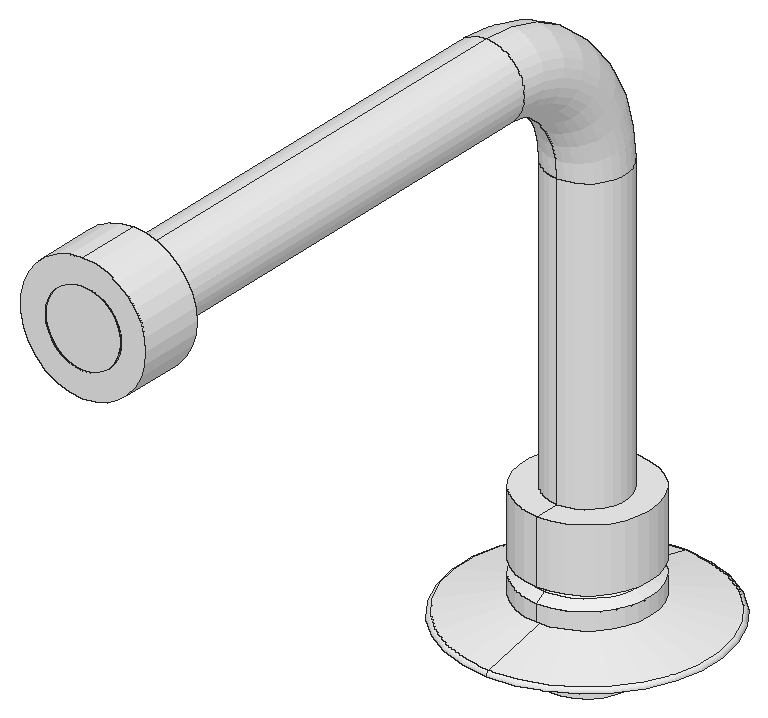
Revit family "PRD_FrankeWS_ShwrFttngsPckg_BentOutlet_ACXX2005_ACXX2006", category Specialty Equipment, host Face, Revit 2018
Family settings
  Host = Face
  Round Connector Dimension = Use Diameter
  Part Type = Normal
  OmniClass Number = 23.45.05.00
  OmniClass Title = Sanitary Equipment
  Cut with Voids When Loaded = Yes
  Shared = Yes
  Room Calculation Point = No
Parameters (values of type "ACXX2005")
  WarrantyStartDate [instance] = "1900-12-31T23:59:59"
  WarrantyGuarantorParts = "n/a"
  WarrantyGuarantorLabor = "n/a"
  WarrantyDurationUnit = "year"
  WarrantyDurationParts = "n/a"
  WarrantyDurationLabor = "n/a"
  WarrantyDescription = "n/a"
  Version = "1"
  Uniclass2015Version = "Products v1.23"
  Uniclass2015Title = "Shower fittings package"
  Uniclass2015Code = "Pr_40_20_87_75"
  URL = "www.kwc.com"
  TypeOfShowerPipe = "Bent outlet"
  TypeOfConnection = "n/a"
  Type = "n/a"
  TailorMade = "n/a"
  TagNumber [instance] = "n/a"
  SustainabilityPerformance = "n/a"
  Status = "New"
  Size = "120 x 150 mm"
  OutletMaterial = PRD_AR_ChromatedBrass_HighPolished
  Shape = "n/a"
  SerialNumber [instance] = "n/a"
  Revision = "n/a"
  ReplacementCost = "n/a"
  Reference = "n/a"
  QuantityUom = "n/a"
  Quantity = "n/a"
  ProductInformation = "https://pim.kwc.com/product/2030050434/attachment/datasheet?locale=en"
  ProductCode = "n/a"
  OffsetCheck [instance] = if(Offset < 60.00 mm, 60.00 mm, if(Offset > 130.00 mm, 130.00 mm, Offset))  # 127.00 mm
  Offset [instance] = 127.00 mm
  NominalWidth = 0.00 mm
  NominalLength = 0.00 mm
  NominalHeight = 55.00 mm
  NominalDepth = 0.00 mm
  NetWeight = 0.25 kg
  Name = "Bent outlet ACXX2005"
  NBSTypeID = "n/a"
  NBSReference = "45-35-70/330"
  NBSOfficeMasterTag = "n/a"
  NBSNote = "n/a"
  NBSDescription = "Shower fittings package"
  NBSCertification = "n/a"
  ModelReference = "ACXX2005"
  ModelNumber = "2030050434"
  Model = ModelReference  # "ACXX2005"
  Material = "brass"
  ManufacturerURL = "www.kwc.com"
  ManufacturerName = "KWC Group AG"  # constant formula
  Manufacturer = ManufacturerName  # "KWC Group AG"
  LengthMax = 150.00 mm
  LengthCheck [instance] = if(Length < 100.00 mm, 100.00 mm, if(Length > LengthMax, LengthMax, Length))  # 150.00 mm
  Length [instance] = 150.00 mm
  IntegralAccessories = "n/a"
  InstallationDate [instance] = "1900-12-31T23:59:59"
  InletSize = "n/a"
  IfcExportType = "USERDEFINED"
  IfcExportAs = "IfcSanitaryTerminalType"
  GrossWeight = 0.26 kg
  Grade = "n/a"
  Finish = "chromium-plated"
  Features = "Maximum mounting dimension 130 x 134 mm"
  ExpectedLife = "n/a"
  DurationUnit = "year"
  DiameterNominal = 15.00 mm
  Description = "Bent outlet 120 x 150 mm, with reduction nipple G 1/2 B and 2 pinch union nuts G 3/4 x 18 mm. Chromium-plated brass."
  Default Elevation = 2000.00 mm
  CreatedOn = "05/2022"  # constant formula
  Constituents = "n/a"
  Color = "n/a"
  CodePerformance = "n/a"
  Category = "Pr_40_20_87_75, Shower fittings package"
  BarCode [instance] = "n/a"
  BIMObjectName = "PRD_AR_ShowerFittingsPackage_BentOutlet_ACXX2005"
  Author = "Archispace"  # constant formula
  AssetType = "Fixed"
  AssetIdentifier [instance] = "n/a"
  AccessibilityPerformance = "n/a"
Types (2, lengths in mm): name | Size | ProductInformation | ProductCode | NetWeight | Name | ModelReference | ModelNumber | Model | LengthMax | LengthCheck | Length | GrossWeight | Features | Description | BIMObjectName
  ACXX2005 | "120 x 150 mm" | "https://pim.kwc.com/product/2030050434/attachment/datasheet?locale=en" | "n/a" | 0.25 kg | "Bent outlet ACXX2005" | "ACXX2005" | "2030050434" | "ACXX2005" | 150.00 | 150.00 | 150.00 | 0.26 kg | "Maximum mounting dimension 130 x 134 mm" | "Bent outlet 120 x 150 mm, with reduction nipple G 1/2 B and 2 pinch union nuts G 3/4 x 18 mm. Chromium-plated brass." | "PRD_AR_ShowerFittingsPackage_BentOutlet_ACXX2005"
  ACXX2006 | "120 x 500 mm" | "https://pim.kwc.com/product/2030050435/attachment/datasheet?locale=en" | "210.0601.854" | 0.40 kg | "Bent outlet ACXX2006" | "ACXX2006" | "2030050435" | "ACXX2006" | 500.00 | 500.00 | 500.00 | 0.45 kg | "Maximum mounting dimension 130 x 484 mm" | "Bent outlet 120 x 500 mm, with reduction nipple G 1/2 B and 2 pinch union nuts G 3/4 x 18 mm. Chromium-plated brass." | "PRD_AR_ShowerFittingsPackage_BentOutlet_ACXX2006"
Reference planes
  plane 1 "Center (Front/Back)": y = 0
  plane 2: z = 0
  plane 3 "Center (Left/Right)": x = 0
  plane 4: z = 127
  plane 5: z = 97
  plane 6: y = -150
  plane 7: y = -135
Forms (mm)
  Revolve 1, solid, material "PRD_AR_ChromatedBrass_HighPolished" <- "OutletMaterial"
    sketch origin (0, 0, 0) x (0, 1, 0) y (0, 0, 1)
      loop
        line (0, -12) -> (10.477, -12) -> (10.477, 0) -> (0, 0) -> (0, -12)
      axis (0, 0) -> (0, -12)
    angle from 0 to 360
  Revolve 2, solid, material "PRD_AR_ChromatedBrass_HighPolished" <- "OutletMaterial", detail levels fine
    sketch origin (0, 0, 0) x (0, 1, 0) y (0, 0, 1)
      loop
        line (0, 0) -> (30, 0)
        arc (30, 0) -> (29.781, 0.625) -> (29.219, 0.976) r 1
        line (29.219, 0.976) -> (11.283, 5) -> (15, 5) -> (15, 9) -> (12.497, 10.444)
        arc (12.497, 10.444) -> (11.903, 11.472) -> (12.497, 12.5) r 1.187
        line (12.497, 12.5) -> (15, 12.5) -> (15, 27.5) -> (0, 27.5) -> (0, 0)
      axis (0, 27.5) -> (0, 0)
    angle from 0 to 360
  Sweep 3, solid, material "PRD_AR_ChromatedBrass_HighPolished" <- "OutletMaterial", detail levels medium+fine
    path origin (0, 0, 0) x (0, 1, 0) y (0, 0, 1)
      loop
        line (-30, 127) -> (-150, 127)
    profile origin (0, -90, 127) x (0, 0, -1) y (1, 0, 0)
      loop
        circle (0, 0) r 9
  Sweep 4, solid, material "PRD_AR_ChromatedBrass_HighPolished" <- "OutletMaterial", detail levels medium+fine
    path origin (0, 0, 0) x (0, 1, 0) y (0, 0, 1)
      loop
        arc (0, 97) -> (-8.787, 118.213) -> (-30, 127) r 30
    profile origin (0, -8.787, 118.213) x (0, -0.707107, -0.707107) y (1, 0, 0)
      loop
        circle (0, 0) r 9
  Sweep 5, solid, material "PRD_AR_ChromatedBrass_HighPolished" <- "OutletMaterial", detail levels medium+fine
    path origin (0, 0, 0) x (0, 1, 0) y (0, 0, 1)
      loop
        line (0, 27.5) -> (0, 97)
    profile origin (0, 0, 62.25) x (0, -1, 0) y (1, 0, 0)
      loop
        circle (0, 0) r 9
  Sweep 6, solid, material "PRD_AR_ChromatedBrass_HighPolished" <- "OutletMaterial", detail levels medium+fine
    path origin (0, 0, 0) x (0, 1, 0) y (0, 0, 1)
      loop
        line (-135, 127) -> (-150, 127)
    profile origin (0, -142.5, 127) x (0, 0, -1) y (1, 0, 0)
      loop
        circle (0, 0) r 15
      loop
        circle (0, 0) r 9
  Revolve 7, void
    sketch origin (0, 0, 0) x (0, 1, 0) y (0, 0, 1)
      loop
        line (0, -12) -> (10.477, -12) -> (10.477, 0) -> (0, 0) -> (0, -12)
      axis (0, 0) -> (0, -12)
    angle from 0 to 360
  Revolve 8, solid, material "PRD_AR_ChromatedBrass_HighPolished" <- "OutletMaterial", detail levels medium
    sketch origin (0, 0, 0) x (0, 1, 0) y (0, 0, 1)
      loop
        line (0, 0) -> (30, 0) -> (30, 0.8) -> (15, 4.166) -> (15, 27.5) -> (0, 27.5) -> (0, 0)
      axis (0, 27.5) -> (0, 0)
    angle from 0 to 360
  Extrusion 9, solid, material "PRD_AR_ChromatedBrass_HighPolished" <- "OutletMaterial", detail levels coarse
    sketch origin (0, 0, 0) x (0, 1, 0) y (0, 0, 1)
      loop
        line (30, 0) -> (30, 142) -> (-150, 142) -> (-150, 0) -> (30, 0)
    from -30 to 30
Cuts and joins
  joined: Sweep 3, Sweep 4, Sweep 5
Dimensions and locks
  "OffsetCheck": plane 4 to level
  locked: plane 5 to plane 4 at 30
  "LengthCheck": plane 1 "Center (Front/Back)" to plane 6
  locked: plane 7 to plane 6 at 15
  locked: plane 4 to Extrusion 9 sketch curve at 15
  aligned and locked: plane 2 to host face
  aligned and locked: level to host face
  aligned and locked: plane 6 to Sweep 3 sketch curve
  aligned and locked: plane 5 to Sweep 5 sketch curve
  aligned and locked: plane 1 "Center (Front/Back)" to Sweep 5 sketch curve
  aligned and locked: plane 7 to Sweep 6 sketch curve
  aligned and locked: plane 6 to Sweep 6 sketch curve
  aligned and locked: plane 4 to Sweep 6 sketch curve
  aligned and locked: Extrusion 9 sketch curve to plane 6
Automatic sketch dimensions
  host sketch curve to host sketch curve = 160.00 mm  (x2)
  Revolve 1 sketch curve to plane 1 "Center (Front/Back)" = 0.00 mm  (x2)
  Revolve 1 sketch curve to level = 0.00 mm
  Revolve 1 sketch curve to Revolve 1 sketch curve = 10.478 mm
  Revolve 1 sketch curve to level = 12.00 mm
  Revolve 1 sketch curve to Revolve 1 sketch curve = 3.71 mm
  Revolve 1 sketch curve to Revolve 1 sketch curve = 6.29 mm
  Revolve 2 sketch curve to level = 0.00 mm
  Revolve 2 sketch curve to plane 1 "Center (Front/Back)" = 0.00 mm  (x2)
  level to Revolve 2 sketch curve = 5.00 mm
  Revolve 2 sketch curve to plane 1 "Center (Front/Back)" = 11.283 mm
  Revolve 2 sketch curve to Revolve 2 sketch curve = 1.214 mm
  Revolve 2 sketch curve to Revolve 2 sketch curve = 0.00 mm
  Revolve 2 sketch curve to Revolve 2 sketch curve = 0.593 mm
  Revolve 2 sketch curve to Revolve 2 sketch curve = 1.91 mm
  Revolve 2 sketch curve to Revolve 2 sketch curve = 3.717 mm
  Revolve 2 sketch curve to Revolve 2 sketch curve = 14.00 mm
  level to Revolve 2 sketch curve = 0.976 mm
  Revolve 2 sketch curve to Revolve 2 sketch curve = 0.219 mm
  Revolve 2 sketch curve to Revolve 2 sketch curve = 4.00 mm
  Revolve 2 sketch curve to Revolve 2 sketch curve = 1.444 mm
  Revolve 2 sketch curve to Revolve 2 sketch curve = 1.028 mm
  Revolve 2 sketch curve to Revolve 2 sketch curve = 15.00 mm
  Revolve 2 sketch curve to plane 4 = 20.00 mm
  Revolve 2 sketch curve to Revolve 2 sketch curve = 20.00 mm
  plane 4 to Sweep 3 sketch curve = 0.00 mm
  plane 1 "Center (Front/Back)" to Sweep 3 sketch curve = 30.00 mm
  Sweep 3 sketch curve to plane 3 "Center (Left/Right)" = 0.00 mm
  Sweep 3 sketch curve to profile plane = 0.00 mm
  plane 4 to Sweep 4 sketch curve = 0.00 mm
  plane 5 to Sweep 4 sketch curve = 0.00 mm
  Sweep 4 sketch curve to plane 1 "Center (Front/Back)" = 0.00 mm
  Sweep 4 sketch curve to plane 3 "Center (Left/Right)" = 0.00 mm
  Sweep 4 sketch curve to profile plane = 0.00 mm
  level to Sweep 5 sketch curve = 27.50 mm
  Sweep 5 sketch curve to plane 3 "Center (Left/Right)" = 0.00 mm
  Sweep 5 sketch curve to profile plane = 0.00 mm
  Revolve 7 sketch curve to plane 1 "Center (Front/Back)" = 0.00 mm  (x2)
  Revolve 7 sketch curve to level = 0.00 mm
  Revolve 7 sketch curve to Revolve 7 sketch curve = 10.478 mm
  Revolve 7 sketch curve to level = 12.00 mm
  Revolve 7 sketch curve to Revolve 7 sketch curve = 3.71 mm
  Revolve 7 sketch curve to Revolve 7 sketch curve = 6.29 mm
  Revolve 8 sketch curve to plane 1 "Center (Front/Back)" = 0.00 mm  (x2)
  level to Revolve 8 sketch curve = 4.166 mm
  Revolve 8 sketch curve to plane 1 "Center (Front/Back)" = 15.00 mm
  Revolve 8 sketch curve to Revolve 8 sketch curve = 23.334 mm
  Revolve 8 sketch curve to Revolve 8 sketch curve = 0.80 mm
  Revolve 8 sketch curve to plane 4 = 20.00 mm
  Revolve 8 sketch curve to Revolve 8 sketch curve = 20.00 mm
  Revolve 8 sketch curve to Revolve 8 sketch curve = 15.00 mm
  Revolve 8 sketch curve to level = 0.00 mm
  Extrusion 9 sketch curve to level = 0.00 mm
  Extrusion 9 sketch curve to plane 1 "Center (Front/Back)" = 30.00 mm
  Sweep 6 sketch curve to Sweep 6 sketch curve = 0.00 mm  (x2)
  Sweep 6 sketch curve to plane 3 "Center (Left/Right)" = 0.00 mm
  Sweep 6 sketch curve to profile plane = 0.00 mm
  radius of Sweep 3 sketch curve = 9.00 mm
  radius of Sweep 4 sketch curve = 9.00 mm
  radius of Sweep 5 sketch curve = 9.00 mm
  radius of Sweep 6 sketch curve = 15.00 mm
  radius of Sweep 6 sketch curve = 9.00 mm
Connectors
  piping at (0, 0, -12), diameter 15, driven by "DiameterNominal", driven by "InletSize"
    settings: on host face, index 1, connector inside diameter 609.60 mm, connector length 0.00 mm, flow factor 0, pipe flow 0.0 L/s, pressure drop 0.0 Pa, fitting loss kfactor 0, connector angle 0.00°, fixture units 0, engagement length 0.00 mm, angle of deflection 0.00°, flow configuration 2, flow direction 1, fitting loss method 0, system type 7, joint type 0, gender type 0, connector reference index -1, connector utility 0, adjustable connector no, is connector primary yes, connector description "n/a"
